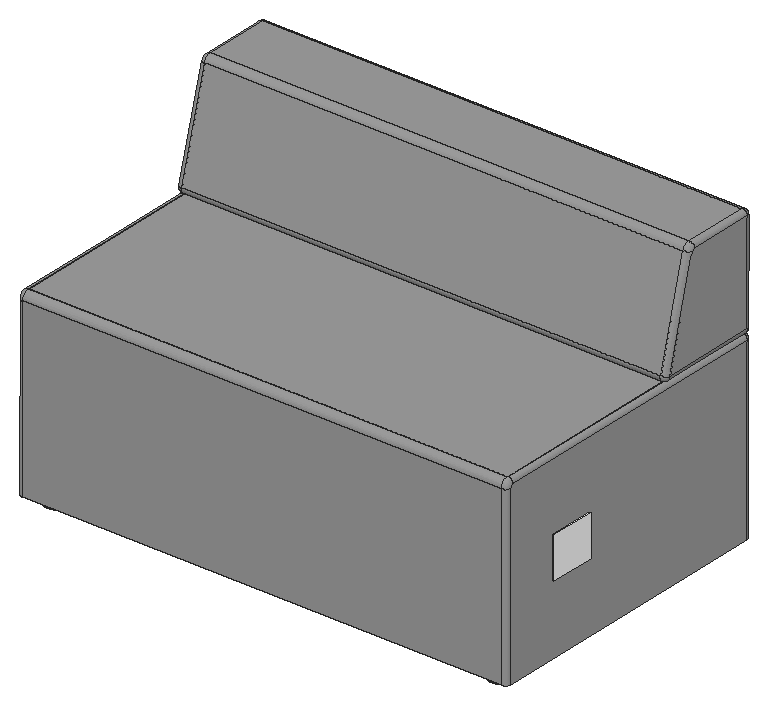
Revit family "LN-LG-3048S", category Furniture, Revit 2021
Family settings
  OmniClass Number = 23.40.20.00
  OmniClass Title = General Furniture and Specialties
  Work Plane-Based = No
  Always vertical = Yes
  Cut with Voids When Loaded = No
  Shared = No
  Room Calculation Point = No
Parameters (values of type "LN-LG-3048S-PR")
  SEAT [instance] = Fabric
  Power [instance] = Stool, Plastic, White
  PR = yes
  HS Seat Count = 2
  ES Seat Count = 2
  BASE [instance] = Rubber, Black
  BACK [instance] = Fabric
  W = 3' - 0"
  SEAT TOP [instance] = Fabric
  PL = no
  Model = "LN-LG-3048S-PR"
  MS-HS Book Volume Ct = 0
  ES Book Volume Ct = 0
  Default Elevation = 0' - 0"
  D = 2' - 6"
Types (3): name | PR | PL | Model
  LN-LG-3048S | no | no | "LN-LG-3048S"
  LN-LG-3048S-PR | yes | no | "LN-LG-3048S-PR"
  LN-LG-3048S-PL | no | yes | "LN-LG-3048S-PL"
Reference planes (in)
  plane 1 "Center Front/Back": y = 0
  plane 2: z = 0
  plane 3 "Center Left/Right": x = 0
  plane 4: z = 30
  plane 5: z = 4
  plane 6: z = 29
  plane 7: z = 5
  plane 8: y = 30
  plane 9: x = 48
  plane 10: y = 15
  plane 11: x = 24
  plane 12: y = 2.25
  plane 13: x = 2.25
  plane 14: y = 27.75
  plane 15: x = 45.75072
  plane 16 "Center L/V": y = 0.75
  plane 17 "Center L/W": x = 0.5
  plane 18 "Center L/Y": x = 47.5
  plane 19: y = 19.5
  plane 20: z = 19
  plane 21: z = 18.5
  plane 22: z = 19.5
  plane 23: y = 10
  plane 24: y = 5.5
  plane 25: z = 10
  plane 26: z = 1
  plane 27: z = 12
  plane 28: z = 8
  plane 29 "Center L/Z": x = -0.25
  plane 30 "Center L/BB": x = 48.25
Forms (in)
  Extrusion 1, solid, material "Fabric" <- "SEAT"
    sketch origin (0, 29, 0) x (0, 1, 0) y (0, 0, 1)
      loop
        arc (-28.25, 19) -> (-28.78033, 18.78033) -> (-29, 18.25) r 0.75
        line (-29, 18.25) -> (-29, 1) -> (1, 1) -> (1, 18.48828)
        arc (1, 18.48828) -> (0.85012, 18.85012) -> (0.48828, 19) r 0.51172
        line (0.48828, 19) -> (-28.25, 19)
    from 0 to 48
  Sweep 2, void
    path in 3D
      loop
        line (48, 30, 1) -> (48, 30, 18.48828)
        arc (48, 30, 18.48828) -> (48, 29.85012, 18.85012) -> (48, 29.48828, 19) r 0.51172
        line (48, 29.48828, 19) -> (48, 0.75, 19)
        arc (48, 0.75, 19) -> (48, 0.21967, 18.78033) -> (48, 0, 18.25) r 0.75
        line (48, 0, 18.25) -> (48, 0, 1)
    profile origin (48, 0, 9.625) x (1, 0, 0) y (0, 1, 0)
      loop
        line (-0.5, 0) -> (0, 0) -> (0, 0.5)
        arc (0, 0.5) -> (-0.14645, 0.14645) -> (-0.5, 0) r 0.5
  Extrusion 3, solid, material "Fabric" <- "BACK"
    sketch origin (0, 29, 0) x (0, 1, 0) y (0, 0, 1)
      loop
        line (-9.0081, 19) -> (0.48828, 19)
        arc (0.48828, 19) -> (0.85012, 19.14988) -> (1, 19.51172) r 0.51172
        line (1, 19.51172) -> (1, 29.42578)
        arc (1, 29.42578) -> (0.85012, 29.78762) -> (0.48828, 29.9375) r 0.51172
        line (0.48828, 29.9375) -> (-5.96781, 29.9375)
        arc (-5.96781, 29.9375) -> (-6.41866, 29.78686) -> (-6.68841, 29.39545) r 0.75
        line (-6.68841, 29.39545) -> (-9.5, 19.65277)
        arc (-9.5, 19.65277) -> (-9.41678, 19.20376) -> (-9.0081, 19) r 0.51172
    from 0 to 48
  Sweep 4, void
    path in 3D
      loop
        arc (0, 29.48828, 29.9375) -> (0, 29.85012, 29.78762) -> (0, 30, 29.42578) r 0.51172
        line (0, 30, 29.42578) -> (0, 30, 19.51172)
        arc (0, 30, 19.51172) -> (0, 29.85012, 19.14988) -> (0, 29.48828, 19) r 0.51172
        line (0, 29.48828, 19) -> (0, 19.9919, 19)
        arc (0, 19.9919, 19) -> (0, 19.58322, 19.20376) -> (0, 19.5, 19.65277) r 0.51172
        line (0, 19.5, 19.65277) -> (0, 22.31159, 29.39545)
        arc (0, 22.31159, 29.39545) -> (0, 22.58134, 29.78686) -> (0, 23.03219, 29.9375) r 0.75
        line (0, 23.03219, 29.9375) -> (0, 29.48828, 29.9375)
    profile origin (0, 26.26023, 29.9375) x (-1, 0, 0) y (0, 0, 1)
      loop
        arc (-0.5, 0) -> (-0.14645, -0.14645) -> (0, -0.5) r 0.5
        line (0, -0.5) -> (0, 0) -> (-0.5, 0)
  Sweep 5, void
    path in 3D
      loop
        arc (48, 23.03219, 29.9375) -> (48, 22.58134, 29.78686) -> (48, 22.31159, 29.39545) r 0.75
        line (48, 22.31159, 29.39545) -> (48, 19.5, 19.65277)
        arc (48, 19.5, 19.65277) -> (48, 19.58322, 19.20376) -> (48, 19.9919, 19) r 0.51172
        line (48, 19.9919, 19) -> (48, 29.48828, 19)
        arc (48, 29.48828, 19) -> (48, 29.85012, 19.14988) -> (48, 30, 19.51172) r 0.51172
        line (48, 30, 19.51172) -> (48, 30, 29.42578)
        arc (48, 30, 29.42578) -> (48, 29.85012, 29.78762) -> (48, 29.48828, 29.9375) r 0.51172
        line (48, 29.48828, 29.9375) -> (48, 23.03219, 29.9375)
    profile origin (48, 26.26023, 29.9375) x (1, 0, 0) y (0, 0, 1)
      loop
        line (0, 0) -> (-0.5, 0)
        arc (-0.5, 0) -> (-0.14645, -0.14645) -> (0, -0.5) r 0.5
        line (0, -0.5) -> (0, 0)
  Extrusion 6, void
    sketch origin (0, 29, 0) x (0, 1, 0) y (0, 0, 1)
      loop
        line (-28.25, 19.5) -> (-28.25, 19) -> (-28.25, 18.5) -> (-9, 18.5) -> (-9, 19)
        arc (-9, 19) -> (-9.35355, 19.14645) -> (-9.5, 19.5) r 0.5
        line (-9.5, 19.5) -> (-28.25, 19.5)
    from 0.5 to 47.5
  Extrusion 7, solid, material "Fabric" <- "SEAT TOP"
    sketch origin (0, 29, 0) x (0, 1, 0) y (0, 0, 1)
      loop
        line (-28.25, 18.5) -> (-9, 18.5) -> (-9, 19) -> (-28.25, 19) -> (-28.25, 18.5)
    from 0.5 to 47.5
  Extrusion 8, solid, material "Stool, Plastic, White" <- "Power", visible <- "PL"
    sketch origin (0, 0, 0) x (0, 1, 0) y (0, 0, 1)
      loop
        line (10, 12) -> (5.5, 12) -> (5.5, 8) -> (10, 8) -> (10, 12)
    from 0 to -0.25
  Extrusion 9, solid, material "Stool, Plastic, White" <- "Power", visible <- "PR"
    sketch origin (36, 0, 0) x (0, 1, 0) y (0, 0, -1)
      loop
        line (10, -12) -> (10, -8) -> (5.5, -8) -> (5.5, -12) -> (10, -12)
    from -12 to -12.25
  Sweep 10, void
    path in 3D
      loop
        line (0, 0, 1) -> (0, 0, 18.25)
        arc (0, 0, 18.25) -> (0, 0.21967, 18.78033) -> (0, 0.75, 19) r 0.75
        line (0, 0.75, 19) -> (0, 29.48828, 19)
        arc (0, 29.48828, 19) -> (0, 29.85012, 18.85012) -> (0, 30, 18.48828) r 0.51172
        line (0, 30, 18.48828) -> (0, 30, 1)
    profile origin (0, 0, 9.625) x (0, 1, 0) y (-1, 0, 0)
      loop
        line (0, 0) -> (0, -0.5)
        arc (0, -0.5) -> (0.14645, -0.14645) -> (0.5, 0) r 0.5
        line (0.5, 0) -> (0, 0)
Cuts and joins
  Sweep 4, Sweep 5 cuts Extrusion 3
  Sweep 2, Sweep 5, Extrusion 6, Sweep 10 cuts Extrusion 1
Lines and regions (in)
  sketch lines
    curve 1: line (48, 0, 18.25) -> (48, 0, 1)
    curve 2: arc (48, 0, 18.25) -> (48, 0.21967, 18.78033) -> (48, 0.75, 19) r 0.75
    curve 3: line (48, 29.48828, 19) -> (48, 0.75, 19)
    curve 4: arc (48, 29.48828, 19) -> (48, 29.85012, 18.85012) -> (48, 30, 18.48828) r 0.51172
    curve 5: line (48, 30, 1) -> (48, 30, 18.48828)
    curve 6: line (0, 23.03219, 29.9375) -> (0, 29.48828, 29.9375)
    curve 7: arc (0, 23.03219, 29.9375) -> (0, 22.58134, 29.78686) -> (0, 22.31159, 29.39545) r 0.75
    curve 8: line (0, 19.5, 19.65277) -> (0, 22.31159, 29.39545)
    curve 9: arc (0, 19.5, 19.65277) -> (0, 19.58322, 19.20376) -> (0, 19.9919, 19) r 0.51172
    curve 10: line (0, 29.48828, 19) -> (0, 19.9919, 19)
    curve 11: arc (0, 29.48828, 19) -> (0, 29.85012, 19.14988) -> (0, 30, 19.51172) r 0.51172
    curve 12: line (0, 30, 29.42578) -> (0, 30, 19.51172)
    curve 13: arc (0, 30, 29.42578) -> (0, 29.85012, 29.78762) -> (0, 29.48828, 29.9375) r 0.51172
    curve 14: line (48, 29.48828, 29.9375) -> (48, 23.03219, 29.9375)
    curve 15: arc (48, 22.31159, 29.39545) -> (48, 22.58134, 29.78686) -> (48, 23.03219, 29.9375) r 0.75
    curve 16: line (48, 22.31159, 29.39545) -> (48, 19.5, 19.65277)
    curve 17: arc (48, 19.9919, 19) -> (48, 19.58322, 19.20376) -> (48, 19.5, 19.65277) r 0.51172
    curve 18: arc (48, 29.48828, 29.9375) -> (48, 29.85012, 29.78762) -> (48, 30, 29.42578) r 0.51172
    curve 19: line (48, 30, 19.51172) -> (48, 30, 29.42578)
    curve 20: arc (48, 30, 19.51172) -> (48, 29.85012, 19.14988) -> (48, 29.48828, 19) r 0.51172
    curve 21: line (48, 19.9919, 19) -> (48, 29.48828, 19)
    curve 22: line (0, 0, 1) -> (0, 0, 18.25)
    curve 23: line (0, 0.75, 19) -> (0, 29.48828, 19)
    curve 24: arc (0, 0.75, 19) -> (0, 0.21967, 18.78033) -> (0, 0, 18.25) r 0.75
    curve 25: line (0, 30, 18.48828) -> (0, 30, 1)
    curve 26: arc (0, 30, 18.48828) -> (0, 29.85012, 18.85012) -> (0, 29.48828, 19) r 0.51172
Dimensions and locks (in)
  plane 4 to level = 2' - 6"  (x2)
  plane 5 to level = 0' - 4"
  locked: plane 4 to plane 6 at 1
  locked: plane 7 to plane 5 at 1
  plane 8 to plane 1 "Center Front/Back" = 2' - 6"
  equal spacing: plane 3 "Center Left/Right", plane 11, plane 9
  locked: plane 8 to plane 14 at 2.25
  locked: plane 1 "Center Front/Back" to plane 12 at 2.25
  locked: plane 9 to plane 15 at 2.24928
  equal spacing: plane 8, plane 10, plane 1 "Center Front/Back"
  plane 3 "Center Left/Right" to plane 9 = 4' - 0"
  locked: plane 3 "Center Left/Right" to plane 13 at 2.25
  locked: plane 16 "Center L/V" to plane 1 "Center Front/Back" at 0.75
  locked: plane 3 "Center Left/Right" to plane 17 "Center L/W" at 0.5
  locked: plane 9 to plane 18 "Center L/Y" at 0.5
  locked: plane 8 to plane 19 at 10.5
  level to plane 20 to plane 4 = 1' - 7" locked, 0' - 11" locked
  locked: plane 21 to plane 20 at 0.5
  locked: plane 21 to plane 22 at 1
  equal spacing: plane 26, plane 25, plane 20
  plane 28 to plane 27 to plane 20 = 0' - 4" locked, 0' - 7" locked
  plane 23 to plane 24 to plane 1 "Center Front/Back" = 0' - 4 1/2" locked, 0' - 5 1/2" locked
  locked: plane 29 "Center L/Z" to plane 3 "Center Left/Right" at 0.25
  locked: plane 30 "Center L/BB" to plane 9 at 0.25
  aligned and locked: level to plane 2
  aligned and locked: plane 12 to nested 1
  aligned and locked: nested 2 to plane 14
  aligned and locked: nested 2 to plane 13
  aligned and locked: nested 4 to plane 15
  aligned and locked: nested 4 to plane 14
  aligned and locked: nested 3 to plane 12
  aligned and locked: nested 3 to plane 15
  aligned and locked: plane 8 to Extrusion 1 sketch curve
  aligned and locked: plane 1 "Center Front/Back" to Extrusion 1 sketch curve
  aligned and locked: plane 9 to Extrusion 3
  aligned and locked: Extrusion 3 to plane 3 "Center Left/Right"
  aligned and locked: plane 9 to Extrusion 1
  aligned and locked: Extrusion 6 to plane 17 "Center L/W"
  aligned and locked: Extrusion 6 to plane 18 "Center L/Y"
  aligned and locked: plane 22 to Extrusion 6
  aligned and locked: Extrusion 7 to plane 17 "Center L/W"
  aligned and locked: plane 16 "Center L/V" to Extrusion 7
  aligned and locked: Extrusion 7 to plane 18 "Center L/Y"
  aligned and locked: plane 29 "Center L/Z" to Extrusion 8  (x2)
  aligned and locked: plane 3 "Center Left/Right" to Extrusion 8
  aligned and locked: plane 23 to Extrusion 8
  aligned and locked: plane 24 to Extrusion 8
  aligned and locked: Extrusion 8 to plane 3 "Center Left/Right"
  aligned and locked: Extrusion 9 to plane 30 "Center L/BB"  (x2)
  aligned and locked: Extrusion 9 to plane 9
Automatic sketch dimensions
  Extrusion 1 sketch curve to plane 16 "Center L/V" = 0' - 0"
  plane 20 to Extrusion 1 sketch curve = 0' - 0"
  plane 26 to Extrusion 1 sketch curve = 0' - 0"
  Extrusion 1 sketch curve to plane 8 = 0' - 0 131/256"
  profile plane to Sweep 2 sketch curve = 0' - 0"
  Sweep 2 sketch curve to profile plane = 0' - 0"
  Sweep 2 sketch curve to profile plane = 0' - 0 1/2"
  Extrusion 3 sketch curve to plane 19 = 0' - 0"
  plane 20 to Extrusion 3 sketch curve = 0' - 0"
  Extrusion 3 sketch curve to plane 8 = 0' - 0"
  Extrusion 3 sketch curve to plane 22 = 0' - 0 3/256"
  Extrusion 3 sketch curve to plane 19 = 0' - 0.4919"
  plane 6 to Extrusion 3 sketch curve = 0' - 0.39545"
  Extrusion 3 sketch curve to plane 19 = 0' - 2.81159"
  Extrusion 3 sketch curve to plane 4 = 0' - 0 1/16"
  Extrusion 3 sketch curve to Extrusion 3 sketch curve = 0' - 0.72059"
  Extrusion 3 sketch curve to plane 8 = 0' - 0 131/256"  (x2)
  Sweep 4 sketch curve to profile plane = 0' - 0"  (x2)
  Sweep 4 sketch curve to Sweep 4 sketch curve = 0' - 0 1/2"
  Sweep 5 sketch curve to profile plane = 0' - 0"
  profile plane to Sweep 5 sketch curve = 0' - 0"
  profile plane to Sweep 5 sketch curve = 0' - 0 1/2"
  Extrusion 6 sketch curve to plane 16 "Center L/V" = 0' - 0"
  Extrusion 6 sketch curve to plane 19 = 0' - 0"
  plane 21 to Extrusion 6 sketch curve = 0' - 0"
  plane 22 to Extrusion 6 sketch curve = 0' - 0"
  plane 20 to Extrusion 6 sketch curve = 0' - 0"  (x2)
  Extrusion 7 sketch curve to plane 16 "Center L/V" = 0' - 0"
  plane 21 to Extrusion 7 sketch curve = 0' - 0"
  plane 20 to Extrusion 7 sketch curve = 0' - 0"
  Extrusion 7 sketch curve to plane 19 = 0' - 0 1/2"
  Extrusion 8 sketch curve to plane 24 = 0' - 0"
  Extrusion 8 sketch curve to plane 23 = 0' - 0"
  Extrusion 8 sketch curve to plane 28 = 0' - 0"
  plane 27 to Extrusion 8 sketch curve = 0' - 0"
  Extrusion 9 sketch curve to plane 24 = 0' - 0"
  Extrusion 9 sketch curve to plane 23 = 0' - 0"
  Extrusion 9 sketch curve to plane 28 = 0' - 0"
  plane 27 to Extrusion 9 sketch curve = 0' - 0"
  profile plane to Sweep 10 sketch curve = 0' - 0"
  Sweep 10 sketch curve to profile plane = 0' - 0"
  Sweep 10 sketch curve to profile plane = 0' - 0 1/2"
Nested families (in)
  nested 1: "Fu-Base" at (2.12428, 2.25, 0), type "Fu-Base"
  nested 2: "Fu-Base" at (2.25, 27.75, 0), type "Fu-Base"
  nested 3: "Fu-Base" at (45.75072, 2.25, 0) x (-1, 0, 0) z (0, 0, 1), type "Fu-Base"
  nested 4: "Fu-Base" at (45.75072, 27.75, 0) x (-1, 0, 0) z (0, 0, 1), type "Fu-Base"
Definition of nested family "Fu-Base"
  Parameters (values of type "Fu-Base")
    Base = none
    Original wheel = yes
    Hight quality = no
    Default Elevation = 0' - 0"
  Reference planes (in)
    plane 1 "Center Front/Back": y = 0
    plane 2: z = 0
    plane 3 "Center Left/Right": x = 0
  Forms (in)
    Revolve 1, solid, material <- "Base"
      sketch origin (0, 10, 0) x (0, 1, 0) y (0, 0, 1)
        loop
          line (-10, -0.00398) -> (-9.25, -0.00398)
          arc (-9.25, -0.00398) -> (-8.71967, 0.21569) -> (-8.5, 0.74602) r 0.75
          line (-8.5, 0.74602) -> (-8.5, 1) -> (-10, 1) -> (-10, -0.00398)
        axis (-10, -0.00398) -> (-10, 1)
      angle from 0 to 360
  Dimensions and locks (in)
    aligned and locked: level to plane 2
